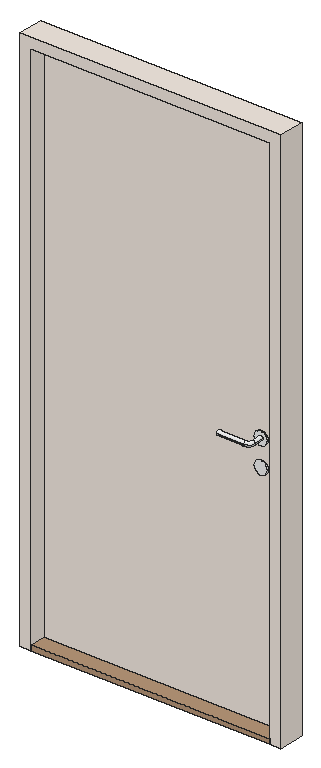
Revit family "EU_ID-Single", category Doors, host Wall, Revit 2014
Parameters (values of type "10x21")
  Type Name (in Project) = "Type name"
  Treshold = EU_General-Wood
  Structural tolerance Top [instance] = 10 mm
  Structural tolerance Right [instance] = 10 mm
  Structural tolerance Left [instance] = 10 mm
  Structural tolerance Bottom [instance] = 10 mm
  Safety Class = ""
  Rough Width = Width / 100  # 10.1 mm
  Rough Height = Height / 100  # 21.1 mm
  Room Number [instance] = ""
  Insulating Property = ""
  Instance Number [instance] = ""
  Height = 2110 mm
  Wall Closure = By host
  Width = 1010 mm
  Function = Interior
  Frame Thickness = 40 mm
  Frame Depth = 100 mm
  Frame = EU_General-Frame
  Doornobb = EU_General-Metal
  Doorleaf = Dorblad hvit
  Door Width [instance] = Width - Structural tolerance Left - Structural tolerance Right  # 990 mm
  Door Height [instance] = Height - Structural tolerance Top - Structural tolerance Bottom  # 2090 mm
  Acoustic Raiting = ""
Types (7, lengths in mm): name | Type Name (in Project) | Structural tolerance Bottom | Rough Width | Rough Height | Height | Width | Door Width | Door Height
  (no name) | "Type name" | 10 | 10.1 | 21.1 | 2110 | 1010 | 990 | 2090
  7x21 | "" | 10 | 7.1 | 21.1 | 2110 | 710 | 690 | 2090
  8x21 | "" | 10 | 8.1 | 21.1 | 2110 | 810 | 790 | 2090
  9x21 | "Type name" | 10 | 9.1 | 21.1 | 2110 | 910 | 890 | 2090
  10x21 | "Type name" | 10 | 10.1 | 21.1 | 2110 | 1010 | 990 | 2090
  11x21 | "Type name" | 10 | 11.1 | 21.15 | 2115 | 1110 | 1090 | 2095
  12x21 | "" | 15 | 12.1 | 21.15 | 2115 | 1210 | 1190 | 2090
Reference planes
  plane 1: y = 0
  plane 2 "Center (Left/Right)": x = 185.2
  plane 3 "Left": x = -319.8
  plane 4 "Right": x = 690.2
  plane 5: z = 2110
  plane 6 "Exterior": y = 75
  plane 7 "Interior": y = -75
  plane 8 "Haadtak": z = 1000
  plane 9: x = 680.2
  plane 10: z = 2100
  plane 11: x = -309.7
  plane 12: z = 10
Forms (mm)
  Sweep 1, solid, material "EU_General-Frame" <- "Frame"
    path origin (0, 75, 0) x (1, 0, 0) y (0, 0, 1)
      loop
        line (680.2, 10) -> (680.2, 2100) -> (-309.8, 2100) -> (-309.8, 10)
    profile origin (680.2, 75, 1055) x (-1, 0, 0) y (0, -1, 0)
      loop
        line (0, 0) -> (40, 0) -> (40, 100) -> (0, 100) -> (0, 0)
  Extrusion 2, solid, material "EU_General-Wood" <- "Treshold"
    sketch origin (405, 0, 10) x (0, -1, 0) y (0, 0, 1)
      loop
        line (25, 0) -> (25, 20) -> (-75, 20) -> (-75, 0) -> (25, 0)
    from -235.2 to 674.8
  Extrusion 3, solid, material "Dorblad hvit" <- "Doorleaf"
    sketch origin (690.2, 0, 0) x (0, -1, 0) y (0, 0, 1)
      loop
        line (-75, 30) -> (-35, 30) -> (-35, 2060) -> (-75, 2060) -> (-75, 30)
    from 50 to 960
  Extrusion 4, solid, material "EU_General-Metal" <- "Doornobb"
    sketch origin (2.2, 75, 2.009) x (1, 0, 0) y (0, 0, 1)
      loop
        circle (557.971, 997.991) r 25
    from 0 to -3
  Extrusion 5, solid, material "EU_General-Metal" <- "Doornobb"
    sketch origin (2.2, 75, -97.991) x (1, 0, 0) y (0, 0, 1)
      loop
        circle (557.971, 997.991) r 25
    from 0 to -3
  Extrusion 6, solid, material "EU_General-Metal" <- "Doornobb"
    sketch origin (2.2, 35, 2.009) x (1, 0, 0) y (0, 0, -1)
      loop
        circle (557.971, -997.991) r 25
    from 0 to -3
  Extrusion 7, solid, material "EU_General-Metal" <- "Doornobb"
    sketch origin (2.2, 35, -97.991) x (1, 0, 0) y (0, 0, -1)
      loop
        circle (557.971, -997.991) r 25
    from 0 to -3
  Sweep 8, solid, material "EU_General-Metal" <- "Doornobb"
    path origin (0, 0, 1000) x (0, -1, 0) y (1, 0, 0)
      loop
        line (-78, 560.171) -> (-115.5, 560.171)
        arc (-115.5, 560.171) -> (-126.107, 555.778) -> (-130.5, 545.171) r 15
        line (-130.5, 545.171) -> (-130.5, 440.171)
    profile origin (560.171, 96.75, 1000) x (-1, 0, 0) y (0, 0, 1)
      loop
        circle (0, 0) r 7.5
  Sweep 9, solid, material "EU_General-Metal" <- "Doornobb"
    path origin (0, 110, 1000) x (0, 1, 0) y (1, 0, 0)
      loop
        line (-78, 560.171) -> (-115.5, 560.171)
        arc (-115.5, 560.171) -> (-126.107, 555.778) -> (-130.5, 545.171) r 15
        line (-130.5, 545.171) -> (-130.5, 440.171)
    profile origin (560.171, 13.25, 1000) x (1, 0, 0) y (0, 0, 1)
      loop
        circle (0, 0) r 7.5
Lines and regions (mm)
  Opening 1
    outline origin (-3050, -75, 0) x (1, 0, 0) y (0, 0, 1)
      loop
        line (2730.2, 0) -> (3740.2, 0) -> (3740.2, 2110) -> (2730.2, 2110) -> (2730.2, 0)
  symbolic lines, detail levels coarse+medium
    curve 1: line (-319.8, 76.875, 0) -> (-319.8, 1085, 0)
    curve 2: arc (-319.8, 1085, 0) -> (394.378, 789.178, 0) -> (690.2, 75, 0) r 1010
  symbolic lines, style "DoorsFrameMullionProjection", detail levels fine
    curve 3: line (-309.8, -25, 0) -> (-269.8, -25, 0)
    curve 4: line (-309.8, 75, 0) -> (-309.8, -25, 0)
    curve 5: line (-269.8, 75, 0) -> (-309.8, 75, 0)
    curve 6: line (-269.8, -25, 0) -> (-269.8, 75, 0)
    curve 9: line (640.2, -25, 0) -> (680.2, -25, 0)
    curve 10: line (640.2, 75, 0) -> (640.2, -25, 0)
    curve 11: line (680.2, 75, 0) -> (640.2, 75, 0)
    curve 12: line (680.2, -25, 0) -> (680.2, 75, 0)
  symbolic lines, style "Plan Swing", detail levels fine
    curve 7: arc (640.2, 75, 0) -> (373.667, 718.467, 0) -> (-269.8, 985, 0) r 910
    curve 8: line (-269.8, 75, 0) -> (-269.8, 985, 0)
Text (mm)
  text "Exterior" at (-2295.016, 1099.543, 0), in view "Ref. Level"
  text "Exterior" at (0, 1615.38, 3698.081), in view "Left"
  text "Exterior" at (0, 1036.032, 3874.932), in view "Right"
Dimensions and locks
  equal spacing: plane 3 "Left", plane 2 "Center (Left/Right)", plane 4 "Right"
  "Width": plane 3 "Left" to plane 4 "Right"
  "Height": plane 5 to host wall
  host wall to plane 5 = 2110 mm  (x2)
  locked: plane 6 "Exterior" to host wall at 0
  locked: plane 7 "Interior" to host wall
  "Structural tolerance Left": Sweep 1 sketch curve to plane 4 "Right"
  "Structural tolerance Right": Sweep 1 sketch curve to plane 3 "Left"
  "Structural tolerance Top": Sweep 1 sketch curve to plane 5
  "Structural tolerance Bottom": level to Sweep 1 sketch curve  (x2)
  "Frame Depth": Sweep 1 sketch curve to Sweep 1 sketch curve
  "Frame Thickness": Sweep 1 sketch curve to Sweep 1 sketch curve
  "Structural tolerance Bottom": level to Extrusion 2
  locked: Extrusion 2 to Sweep 1 at 20
  locked: level to Extrusion 4 at 1000  (x2)
  locked: Extrusion 4 to Extrusion 5 at 100  (x2)
  locked: Extrusion 6 to Extrusion 3 at 3
  locked: Sweep 1 to Extrusion 4 at 3
  locked: Extrusion 7 to Extrusion 3 at 3
  locked: Sweep 1 to Extrusion 5 at 3
  plane 5 to host wall = 2110 mm
  "Structural tolerance Top": plane 10 to plane 5
  "Structural tolerance Left": plane 9 to plane 4 "Right"
  "Rough Width": plane 3 "Left" to plane 11
  "Structural tolerance Bottom": level to plane 12
  locked: Extrusion 3 to Extrusion 2 at 0
  locked: Sweep 1 to Extrusion 2 at 0
  "Width": radius of curve 2
  aligned and locked: plane 3 "Left" to Opening 1 sketch curve
  aligned and locked: plane 5 to Opening 1 sketch curve  (x2)
  aligned and locked: Opening 1 sketch curve to plane 4 "Right"
  aligned and locked: Opening 1 sketch curve to level
  aligned and locked: plane 1 to host wall
  aligned and locked: Extrusion 3 sketch curve to Extrusion 2  (x2)
  aligned and locked: Extrusion 3 sketch curve to Sweep 1
  aligned and locked: Sweep 1 to curve 3
  aligned and locked: curve 3 to Sweep 1
  aligned and locked: curve 6 to Extrusion 2
  aligned and locked: curve 6 to Sweep 1
  aligned and locked: Sweep 1 to curve 9  (x2)
  aligned and locked: curve 12 to Sweep 1  (x2)
  aligned and locked: Sweep 1 to Extrusion 2
  aligned and locked: Extrusion 6 to Sweep 9
  aligned and locked: profile plane to Sweep 1 sketch curve
  aligned and locked: Extrusion 3 to Sweep 1  (x2)
Automatic sketch dimensions
  Extrusion 3 sketch curve to host wall = 35 mm
  curve 1 to plane 3 "Left" = 0 mm
  curve 2 to host wall = 0 mm
  host wall to curve 1 = 1.875 mm
  Extrusion 4 sketch curve to plane 8 "Haadtak" = 0 mm
  plane 4 "Right" to Extrusion 4 sketch curve = 130.029 mm
  plane 4 "Right" to Extrusion 5 sketch curve = 130.029 mm
  Extrusion 5 sketch curve to plane 8 "Haadtak" = 100 mm
  Extrusion 6 sketch curve to plane 8 "Haadtak" = 0 mm
  plane 4 "Right" to Extrusion 6 sketch curve = 130.029 mm
  plane 4 "Right" to Extrusion 7 sketch curve = 130.029 mm
  Extrusion 7 sketch curve to plane 8 "Haadtak" = 100 mm
  Sweep 8 sketch curve to plane 6 "Exterior" = 55.5 mm
  Sweep 8 sketch curve to Sweep 8 sketch curve = 15 mm
  Sweep 8 sketch curve to plane 6 "Exterior" = 3 mm
  plane 4 "Right" to Sweep 8 sketch curve = 250.029 mm
  Sweep 8 sketch curve to Sweep 8 sketch curve = 105 mm
  Sweep 8 sketch curve to plane 8 "Haadtak" = 0 mm
  Sweep 8 sketch curve to profile plane = 0 mm
  plane 7 "Interior" to Sweep 9 sketch curve = 54.5 mm
  Sweep 9 sketch curve to Sweep 9 sketch curve = 15 mm
  plane 1 to Sweep 9 sketch curve = 32 mm
  Sweep 9 sketch curve to plane 4 "Right" = 250.029 mm
  Sweep 9 sketch curve to Sweep 9 sketch curve = 105 mm
  Sweep 9 sketch curve to plane 8 "Haadtak" = 0 mm
  Sweep 9 sketch curve to profile plane = 0 mm
  Sweep 1 sketch curve to plane 6 "Exterior" = 0 mm
  Extrusion 2 sketch curve to host wall = 0 mm
  Extrusion 2 sketch curve to plane 12 = 0 mm
  Extrusion 2 sketch curve to plane 12 = 20 mm
  host wall to Extrusion 2 sketch curve = 25 mm
  radius of Extrusion 4 sketch curve = 25 mm
  radius of Extrusion 5 sketch curve = 25 mm
  radius of Extrusion 6 sketch curve = 25 mm
  radius of Extrusion 7 sketch curve = 25 mm
  radius of Sweep 8 sketch curve = 7.5 mm
  radius of Sweep 9 sketch curve = 7.5 mm
